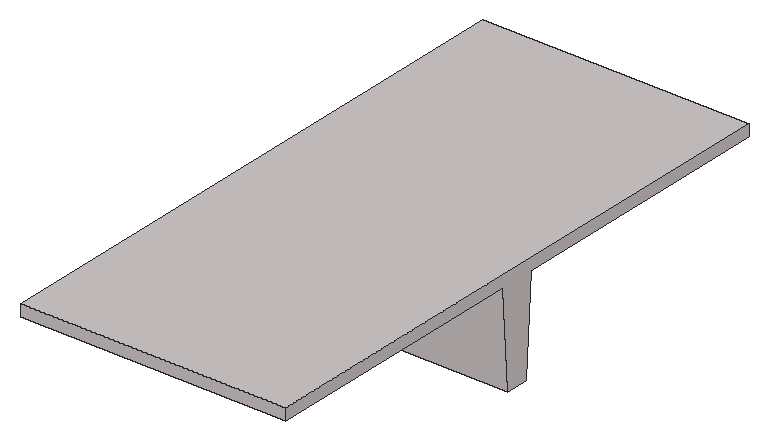
Revit family "489395f7351748ac95b7c0b30b1e57f6", category Structural Framing, Revit 2021
Family settings
  Display in Hidden Views = Edges Hidden by Beam Itself
  Structural Framing Length Roundoff = 0' - 0"
  Section Shape = Not Defined
  Material for Model Behavior = Precast Concrete
  Always export as geometry = No
  OmniClass Number = 23.25.30.11.14.14
  OmniClass Title = Beams
  Seek Item ID = Precast-Single Tee-0000-USA-ENU
  Always vertical = Yes
  Cut with Voids When Loaded = No
  Symbolic Representation = From Family
  Shared = No
  Show family pre-cut in plan views = Yes
Parameters (values of type "8' x 18"")
  Structural Material [instance] = Concrete, Precast
  Assembly Code = "B10"
  Depth = 1' - 6"
  Length [instance] = 5' - 0"
  Slab Depth = 0' - 2"
  Stem Width = 0' - 3 3/4"
  Width = 8' - 0"
Types (3): name | Depth
  (no name) | 1' - 6"
  8' x 18" | 1' - 6"
  8' x 20" | 1' - 8"
Reference planes (in)
  plane 1 "Center (Front/Back)": y = 0
  plane 2: z = 0
  plane 3 "Center (Left/Right)": x = 0.1815
  plane 4 "Member Left": x = -21.8185
  plane 5 "Member Right": x = 22.1815
  plane 6: y = 48
  plane 7: y = -48
  plane 8: z = 9
  plane 9 "Bottom": z = -9
  plane 10 "Left": x = -29.8185
  plane 11 "Right": x = 30.1815
Forms (in)
  Sweep 1, solid, material "Concrete, Precast" <- "Structural Material"
    path origin (0, 0, 0) x (1, 0, 0) y (0, 1, 0)
      loop
        line (22.1815, 0) -> (-21.8185, 0)
    profile "Single Tee-Profile : Single Tee-Profile" origin (0.1815, 0, 0) x (0, -1, 0) y (0, 0, 1)
      loop
        line (-48, 7) -> (-2.875, 7) -> (-1.875, -9) -> (1.875, -9) -> (2.875, 7) -> (48, 7) -> (48, 9) -> (-48, 9) -> (-48, 7)
Lines and regions (in)
  symbolic lines, style "Hidden Faces", detail levels medium+fine
    curve 1: line (-21.8185, -1.875, -9) -> (22.1815, -1.875, -9)
    curve 2: line (-21.8185, 1.875, -9) -> (22.1815, 1.875, -9)
Dimensions and locks (in)
  "Width": plane 6 to plane 7
  equal spacing: plane 9 "Bottom", plane 2, plane 8
  equal spacing: plane 6, plane 1 "Center (Front/Back)", plane 7
  "Depth": plane 9 "Bottom" to plane 8
  "Length": plane 10 "Left" to plane 11 "Right"
  "Stem Width": curve 1 to curve 2
  equal spacing: curve 1, plane 1 "Center (Front/Back)", curve 2
  aligned and locked: Sweep 1 sketch curve to plane 1 "Center (Front/Back)"
  aligned and locked: plane 4 "Member Left" to Sweep 1 sketch curve
  aligned and locked: plane 5 "Member Right" to Sweep 1 sketch curve
  aligned and locked: plane 4 "Member Left" to curve 2
  aligned and locked: plane 4 "Member Left" to curve 1
  aligned and locked: plane 5 "Member Right" to curve 1
  aligned and locked: plane 5 "Member Right" to curve 2
